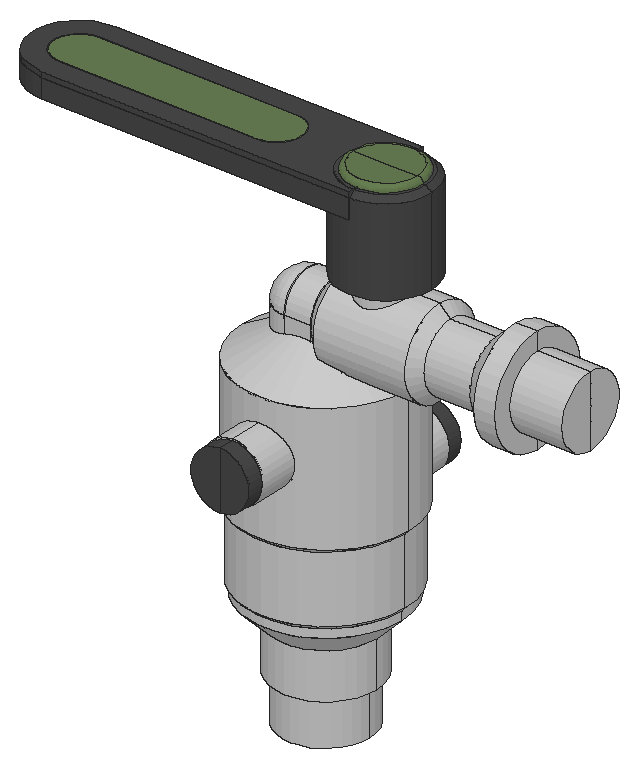
Revit family "Entnahmearmatur mit Systemtrenner 0300", category Rohrzubehör, Revit 2018
Family settings
  Bemaßung runder Anschluss = Durchmesser verwenden
  Teiletyp = Unterbricht
  OmniClass-Nummer = 23.65.55.14
  OmniClass-Titel = Valves for Liquid Services
  Arbeitsebenenbasiert = Nein
  Immer vertikal = Ja
  Beim Laden mit Abzugskörper schneiden = Nein
  Gemeinsam genutzt = Nein
Parameters (values of type "DN20 auf DN25")
  Max. zulässige Betriebstemperatur (kurzzeitig) = 80 °C  # constant formula
  Max. Betriebstemperatur = 65 °C  # constant formula
  W02 = 60.00°  # constant formula
  W01 = 45.00°  # constant formula
  URL = "www.herz-armaturen.at"
  Systemtrenner-Kartusche = "hochwertiger, kalkabweisender Kunststoff"  # constant formula
  STL02 = 37.500 mm  # constant formula
  STL01 = 33.000 mm  # constant formula
  STD02 = 8.200 mm  # constant formula
  STD01 = 8.500 mm  # constant formula
  SCTWSEQ = "AW;SBT_TYP_AW=\"104\";2"
  SCTWCODE = "04;12;02"  # constant formula
  S05 = R03 - 2.000 mm  # 10.400 mm
  S04 = 33.000 mm  # constant formula
  S03 = 25.000 mm  # constant formula
  S02 = 45.000 mm  # constant formula
  S01 = 13.000 mm  # constant formula
  R09 = 13.000 mm  # constant formula
  R05 = 8.000 mm  # constant formula
  R04 = 8.500 mm  # constant formula
  R03 = 12.400 mm  # constant formula
  R02 = 9.500 mm  # constant formula
  R01 = 15.000 mm  # constant formula
  NennweiteEin [instance] = if([15_20], 15.000 mm, if([20_20], 20.000 mm, if([20_25], 20.000 mm, 0.000 mm)))  # 20.000 mm
  NennweiteAus [instance] = if([15_20], 20.000 mm, if([20_20], 20.000 mm, if([20_25], 25.000 mm, 0.000 mm)))  # 25.000 mm
  Nenndruck = 1000000.0 Pa  # constant formula
  Medium = "Wasser (ohne Dampf)"  # constant formula
  LO01 = 34.500 mm  # constant formula
  L11 = 77.500 mm  # constant formula
  L10 = 57.500 mm  # constant formula
  L09 = 58.000 mm  # constant formula
  L08 = 2.500 mm  # constant formula
  L07 = 26.000 mm  # constant formula
  L06 = 6.000 mm  # constant formula
  L05 = 15.000 mm  # constant formula
  L04 = 5.000 mm  # constant formula
  L03 = 100.000 mm  # constant formula
  L02 = 58.000 mm  # constant formula
  L01 = 75.000 mm  # constant formula
  Hinweis = "Gemäß Art 33 der REACH-Verordnung (EG Nr. 1907/2006) sind wir verpflichtet, darauf hinzuweisen, dass der Stoff Blei auf der SVHC-Liste geführt wird und dass alle aus Messing bestehenden Bauteile, die in unseren Erzeugnissen verarbeitet sind, mehr als 0,1 % (w/w) Blei (CAS: 7439-92-1 / EINECS: 231-100-4) enthalten.\r\nDa Blei als Legierungsbestandteil fest gebunden ist, sind keine Expositionen zu erwarten und daher sind keine zusätzlichen Angaben zur sicheren Verwendung notwendig."
  Hersteller = "HERZ Armaturen Ges.m.b.H."  # constant formula
  H08 = 15.000 mm  # constant formula
  H07 = 36.000 mm  # constant formula
  H06 = 19.000 mm  # constant formula
  H05 = 2.500 mm  # constant formula
  H04 = 13.000 mm  # constant formula
  H03 = 13.000 mm  # constant formula
  H02 = 105.000 mm  # constant formula
  H01 = 146.000 mm - H02  # 41.000 mm
  Gehäuse = "Pressmessing (CW617N), verchromt"  # constant formula
  Einbaulage = "senkrecht"  # constant formula
  Dichtungen = "EPDM"  # constant formula
  Bestellnummer = if([15_20], "I030001", if([20_20], "I030002", if([20_25], "I030012", "0")))  # "I030012"
  20_25 = yes
  20_20 = no
  15_20 = no
  D05 = 14.500 mm  # constant formula
  D04 = 21.500 mm  # constant formula
  D03 = 22.500 mm  # constant formula
  D02 = 7.000 mm  # constant formula
  D01 = 23.500 mm  # constant formula
  Ausführung = "Der in dieser Entnahmearmatur integrierte Systemtrenner BA wurde nach der Norm DIN EN 1717 entwickelt.\r\nLaut dieser Norm ist die Wasserqualität je nach Grad der Verschmutzung in 5 Klassen eingeteilt.\r\nDer Systemtrenner Typ BA erlaubt Absicherung gegen Nichttrinkwasser bis zur Gefahrenklasse 4, der höchsten Gefahrenklasse, die mit einer Armatur abgesichert werden kann.\r\nDer Einbau eines Schmutzfängers vor dem Systemtrenner hilft, um eine dauerhafte und einwandfreie Funktion zu gewährleisten.\r\nDiese Armatur kann nur senkrecht montiert werden."
  Anwendung = "Diese Entnahmearmatur mit integriertem Systemtrenner (BA) ist zum Einbau über einem Entwässerungsgegenstand oder zum Einbau im Freien (z.B.: als Gartenventil) konzipiert.\r\nDie Armatur besteht aus einem eingangsseitigen Kugelhahn und einem nachgeschalteten Systemtrenner Typ BA nach DIN EN 1717."
  AGein [instance] = NennweiteEin / 2  # 10.000 mm
  AGaus [instance] = NennweiteAus / 2  # 12.500 mm
Types (4, lengths in mm): name | NennweiteEin | NennweiteAus | Bestellnummer | 20_25 | 20_20 | 15_20 | AGein | AGaus
  (no name) | 20.000 | 25.000 | "I030012" | yes | no | no | 10.000 | 12.500
  DN15 auf DN20 | 15.000 | 20.000 | "I030001" | no | no | yes | 7.500 | 10.000
  DN20 auf DN20 | 20.000 | 20.000 | "I030002" | no | yes | no | 10.000 | 10.000
  DN20 auf DN25 | 20.000 | 25.000 | "I030012" | yes | no | no | 10.000 | 12.500
Reference planes
  plane 1 "Mitte (Vorne/hinten)": y = 0
  plane 2: z = 0
  plane 3 "Mitte (Links/rechts)": x = 0
Forms (mm)
  Revolve 1, solid, material "Messing, vernickelt", detail levels fine
    sketch origin (0, 0, -213.5) x (1, 0, 0) y (0, 0, 1)
      loop
        line (0, 108.5) -> (0, 213.5) -> (-7, 213.5) -> (-7, 210.526) -> (-23.5, 201) -> (-23.5, 165) -> (-22.5, 164) -> (-22.5, 145) -> (-21.5, 144) -> (-21.5, 141.5) -> (-14.5, 134.5) -> (-14.5, 121.5) -> (-12.5, 121.5) -> (-12.5, 108.5) -> (0, 108.5)
      axis (0, 213.5) -> (0, 108.5)
    angle from 0 to 360
  Revolve 2, solid, material "Messing, vernickelt", detail levels fine
    sketch origin (0, 0, 0) x (1, 0, 0) y (0, 0, 1)
      loop
        line (2.5, 0) -> (75, 0) -> (75, 10) -> (60, 10) -> (60, 15) -> (54, 15) -> (48.5, 9.5) -> (35.3, 9.5) -> (32.4, 12.4) -> (6.4, 12.4) -> (2.5, 8.5) -> (2.5, 0)
      axis (2.5, 0) -> (75, 0)
    angle from 0 to 360
  Extrusion 3, solid, material "Messing, vernickelt", detail levels fine
    sketch origin (0, 0, 0) x (0, 1, 0) y (0, 0, 1)
      loop
        arc (8.5, 0) -> (0, 8.5) -> (-8.5, 0) r 8.5
        line (-8.5, 0) -> (-8.5, -12.5) -> (8.5, -12.5) -> (8.5, 0)
    from 2.5 to -5
  Extrusion 4, solid, material "Messing, vernickelt", detail levels fine
    sketch origin (0, 0, 0) x (1, 0, 0) y (0, 1, 0)
      loop
        circle (-5, 0) r 8.5
    from -20 to 0
  Revolve 5, solid, material "Messing, vernickelt", detail levels fine
    sketch origin (0, 0, 0) x (1, 0, 0) y (0, 1, 0)
      loop
        arc (-5, 8.5) -> (-11.01, 6.01) -> (-13.5, 0) r 8.5
        line (-13.5, 0) -> (-5, 0) -> (-5, 8.5)
      axis (-5, 0) -> (-13.5, 0)
    angle from 0 to 360
  Revolve 6, solid, material "Messing, vernickelt", detail levels fine
    sketch origin (0, 0, 0) x (1, 0, 0) y (0, 0, 1)
      loop
        line (17, 0) -> (25, 0) -> (25, 15) -> (17, 15) -> (17, 0)
      axis (17, 15) -> (17, 0)
    angle from 0 to 360
  Revolve 7, solid, material "Kunststoff SCHWARZ", detail levels fine
    sketch origin (0, 0, 0) x (1, 0, 0) y (0, 0, 1)
      loop
        line (17, 15) -> (30, 15) -> (30, 39.5) -> (28.5, 41) -> (17, 41) -> (17, 15)
      axis (17, 15) -> (17, 41)
    angle from 0 to 360
  Revolve 8, solid, material "Kunststoff GRÜN", detail levels fine
    sketch origin (0, 0, 0) x (1, 0, 0) y (0, 0, 1)
      loop
        line (17, 42.5) -> (17, 41) -> (27.5, 41)
        arc (27.5, 41) -> (27.061, 42.061) -> (26, 42.5) r 1.5
        line (26, 42.5) -> (17, 42.5)
      axis (17, 42.5) -> (17, 41)
    angle from 0 to 360
  Extrusion 9, solid, material "Kunststoff SCHWARZ", detail levels fine
    sketch origin (0, 0, 0) x (1, 0, 0) y (0, 1, 0)
      loop
        line (17, 13) -> (-70, 13)
        arc (-70, 13) -> (-83, 0) -> (-70, -13) r 13
        line (-70, -13) -> (17, -13) -> (17, 13)
    from 34 to 39.5
  Extrusion 10, solid, material "Kunststoff SCHWARZ", detail levels fine
    sketch origin (0, 0, 0) x (1, 0, 0) y (0, 1, 0)
      loop
        line (17, 13) -> (-70, 13)
        arc (-70, 13) -> (-83, 0) -> (-70, -13) r 13
        line (-70, -13) -> (17, -13) -> (17, 13)
      loop
        arc (-70, 7) -> (-77, 0) -> (-70, -7) r 7
        line (-70, -7) -> (-14, -7)
        arc (-14, -7) -> (-7, 0) -> (-14, 7) r 7
        line (-14, 7) -> (-70, 7)
    from 39.5 to 41
  Extrusion 11, solid, material "Kunststoff GRÜN", detail levels fine
    sketch origin (0, 0, 0) x (1, 0, 0) y (0, 1, 0)
      loop
        arc (-70, 7) -> (-77, 0) -> (-70, -7) r 7
        line (-70, -7) -> (-14, -7)
        arc (-14, -7) -> (-7, 0) -> (-14, 7) r 7
        line (-14, 7) -> (-70, 7)
    from 39.5 to 41
  Revolve 12, solid, material "Messing, vernickelt", detail levels fine
    sketch origin (0, 0, 0) x (0, 1, 0) y (0, 0, 1)
      loop
        line (0, -39) -> (0, -47.5) -> (33, -47.5) -> (33, -39) -> (0, -39)
      axis (33, -47.5) -> (0, -47.5)
    angle from 0 to 360
  Revolve 13, solid, material "Messing, vernickelt", detail levels fine
    sketch origin (0, 0, 0) x (0, -1, 0) y (0, 0, 1)
      loop
        line (0, -19) -> (0, -27.5) -> (33, -27.5) -> (33, -19) -> (0, -19)
      axis (33, -27.5) -> (0, -27.5)
    angle from 0 to 360
  Revolve 14, solid, material "Kunststoff SCHWARZ", detail levels fine
    sketch origin (0, 0, 0) x (0, 1, 0) y (0, 0, 1)
      loop
        line (-33, -27.5) -> (-33, -19.3) -> (-37.5, -19.3) -> (-37.5, -27.5) -> (-33, -27.5)
      axis (-33, -27.5) -> (-37.5, -27.5)
    angle from 0 to 360
  Revolve 15, solid, material "Kunststoff SCHWARZ", detail levels fine
    sketch origin (0, 0, 0) x (0, -1, 0) y (0, 0, 1)
      loop
        line (-33, -47.5) -> (-33, -39.3) -> (-37.5, -39.3) -> (-37.5, -47.5) -> (-33, -47.5)
      axis (-33, -47.5) -> (-37.5, -47.5)
    angle from 0 to 360
Lines and regions (mm)
  model lines, detail levels coarse+medium
    curve 1: line (35.5, 0, 12.4) -> (35.5, 0, -12.4)
    curve 2: line (35.5, 0, -12.4) -> (2.5, 0, 12.4)
    curve 3: line (2.5, 0, 12.4) -> (2.5, 0, -12.4)
    curve 4: line (2.5, 0, -12.4) -> (35.5, 0, 12.4)
    curve 5: circle (10.02, 0, 0) r 10.4 normal (0, -1, 0)
    curve 6: line (35.5, 0, 0) -> (75, 0, 0)
    curve 7: line (60, 0, 15) -> (60, 0, -15)
    curve 8: line (-23.5, 0, -12.4) -> (23.5, 0, -12.4)
    curve 9: line (-23.5, 0, -105) -> (-23.5, 0, -12.4)
    curve 10: line (23.5, 0, -105) -> (-23.5, 0, -105)
    curve 11: line (23.5, 0, -12.4) -> (23.5, 0, -105)
    curve 12: line (2.5, 0, 0) -> (0, 0, 0)
    curve 13: line (0, 0, 0) -> (0, 0, -12.4)
    curve 14: line (-10.5, 0, -105) -> (-10.5, 0, -80)
    curve 15: line (-10.5, 0, -57.4) -> (-10.5, 0, -12.4)
    curve 16: line (10.5, 0, -105) -> (10.5, 0, -80)
    curve 17: line (10.5, 0, -57.4) -> (10.5, 0, -12.4)
    curve 18: line (0, -23.5, -105) -> (0, 23.5, -105)
    curve 19: line (0, -23.5, -12.4) -> (0, -23.5, -105)
    curve 20: line (0, 23.5, -12.4) -> (0, -23.5, -12.4)
    curve 21: line (0, 23.5, -105) -> (0, 23.5, -12.4)
    curve 26: arc (0, -12.4, 0) -> (0, 0, 12.4) -> (0, 12.4, 0) r 12.4
  model lines
    curve 22: line (0, -10.5, -105) -> (0, -10.5, -80)
    curve 23: line (0, -10.5, -57.4) -> (0, -10.5, -12.4)
    curve 24: line (0, 10.5, -105) -> (0, 10.5, -80)
    curve 25: line (0, 10.5, -57.4) -> (0, 10.5, -12.4)
Dimensions and locks
  "H03": Revolve 1 sketch curve to Revolve 1 sketch curve
  "H04": Revolve 1 sketch curve to Revolve 1 sketch curve
  "H05": Revolve 1 sketch curve to Revolve 1 sketch curve
  "H06": Revolve 1 sketch curve to Revolve 1 sketch curve
  "H07": Revolve 1 sketch curve to Revolve 1 sketch curve
  "AGaus": Revolve 1 sketch curve to plane 3 "Mitte (Links/rechts)"
  "D01": Revolve 1 sketch curve to Revolve 1 sketch curve
  "D02": Revolve 1 sketch curve to Revolve 1 sketch curve
  "D05": Revolve 1 sketch curve to Revolve 1 sketch curve
  "D04": Revolve 1 sketch curve to Revolve 1 sketch curve
  "D03": Revolve 1 sketch curve to Revolve 1 sketch curve
  "H02": Revolve 1 sketch curve to Revolve 1 sketch curve
  "L01": Revolve 2 sketch curve to plane 3 "Mitte (Links/rechts)"
  "L05": Revolve 2 sketch curve to Revolve 2 sketch curve
  "L06": Revolve 2 sketch curve to Revolve 2 sketch curve
  "L07": Revolve 2 sketch curve to Revolve 2 sketch curve
  "AGein": Revolve 2 sketch curve to Revolve 2 sketch curve
  "R01": Revolve 2 sketch curve to Revolve 2 sketch curve
  "R02": Revolve 2 sketch curve to Revolve 2 sketch curve
  "R03": Revolve 2 sketch curve to Revolve 2 sketch curve
  "L08": Revolve 2 sketch curve to plane 3 "Mitte (Links/rechts)"
  "R04": Revolve 2 sketch curve to Revolve 2 sketch curve
  "H08": Revolve 6 sketch curve to plane 2
  "R05": Revolve 6 sketch curve to Revolve 6 sketch curve
  "L09": Revolve 6 sketch curve to Revolve 2
  "H08": Revolve 7 sketch curve to plane 2
  "R09": Revolve 7 sketch curve to Revolve 7 sketch curve
  "L02": Revolve 2 to Revolve 7 sketch curve
  "H01": Revolve 7 sketch curve to plane 2
  Revolve 7 sketch curve to Revolve 7 sketch curve = 11.500 mm
  "L02": Revolve 2 to Revolve 8 sketch curve
  Revolve 8 sketch curve to Revolve 7 = 1.500 mm
  "H01": Revolve 8 sketch curve to plane 2
  "L02": Extrusion 9 sketch curve to Revolve 2
  "R09": Extrusion 9 sketch curve to plane 1 "Mitte (Vorne/hinten)" to Extrusion 9 sketch curve
  "L03": Extrusion 9 sketch curve to Extrusion 9 sketch curve
  "L03": Extrusion 10 sketch curve to Extrusion 9
  "L02": Extrusion 10 sketch curve to Revolve 2
  "STL01": Revolve 12 sketch curve to plane 1 "Mitte (Vorne/hinten)"
  "STD01": Revolve 12 sketch curve to Revolve 12 sketch curve
  "L10": Revolve 1 to Revolve 12 sketch curve
  "STD01": Revolve 13 sketch curve to Revolve 13 sketch curve
  "STL01": plane 1 "Mitte (Vorne/hinten)" to Revolve 13 sketch curve
  "L11": Revolve 13 sketch curve to Revolve 1
  "STL01": plane 1 "Mitte (Vorne/hinten)" to Revolve 14 sketch curve
  "STL02": Revolve 13 to Revolve 14 sketch curve
  "STD02": Revolve 14 sketch curve to Revolve 14 sketch curve
  "L11": Revolve 1 to Revolve 14 sketch curve
  "D01": nested 1 to plane 3 "Mitte (Links/rechts)"
  "LO01": level to nested 1
  "STD02": Revolve 15 sketch curve to Revolve 15 sketch curve
  "L10": Revolve 15 sketch curve to Revolve 1
  "STL01": Revolve 15 sketch curve to plane 1 "Mitte (Vorne/hinten)"
  "STL02": Revolve 15 sketch curve to plane 1 "Mitte (Vorne/hinten)"
  "R03": curve 4 to plane 2 to curve 2
  "R03": curve 3 to plane 2 to curve 4
  "L08": plane 3 "Mitte (Links/rechts)" to curve 3
  "S04": curve 3 to curve 1
  "L01": curve 6 to plane 3 "Mitte (Links/rechts)"
  "R01": curve 7 to plane 2 to curve 7
  curve 7 to curve 6 = 15.000 mm
  "D01": curve 11 to plane 3 "Mitte (Links/rechts)" to curve 9
  "H02": plane 2 to curve 10
  "R03": plane 2 to curve 8
  "S01": curve 14 to curve 9
  "S01": curve 11 to curve 16
  "S01": curve 11 to curve 17
  "S01": curve 15 to curve 9
  "S02": curve 8 to curve 17
  "S02": curve 8 to curve 15
  "S03": curve 14 to curve 10
  "S03": curve 16 to curve 10
  "H02": plane 2 to curve 18
  "R03": plane 2 to curve 20
  "D01": curve 19 to plane 1 "Mitte (Vorne/hinten)" to curve 21
  "S01": curve 19 to curve 22
  "S01": curve 24 to curve 21
  "S01": curve 25 to curve 21
  "S01": curve 19 to curve 23
  "S03": curve 18 to curve 22
  "S03": curve 18 to curve 24
  "S02": curve 20 to curve 25
  "S02": curve 20 to curve 23
  "S05": radius of curve 5
  "R03": radius of curve 26
  "W01": angle Revolve 1 sketch curve to Revolve 1 sketch curve  (x3)
  "W02": angle Revolve 1 sketch curve to Revolve 1 sketch curve
  "W01": angle Revolve 2 sketch curve to Revolve 2 sketch curve  (x3)
  "W01": angle Revolve 7 sketch curve to Revolve 7 sketch curve
  aligned and locked: level to plane 2
Automatic sketch dimensions
  Extrusion 3 sketch curve to level = 0.000 mm  (x2)
  Extrusion 3 sketch curve to plane 1 "Mitte (Vorne/hinten)" = 0.000 mm
  plane 1 "Mitte (Vorne/hinten)" to Extrusion 3 sketch curve = 8.500 mm
  Extrusion 3 sketch curve to level = 12.500 mm
  plane 1 "Mitte (Vorne/hinten)" to Extrusion 4 sketch curve = 0.000 mm
  Extrusion 4 sketch curve to plane 3 "Mitte (Links/rechts)" = 5.000 mm
  Revolve 5 sketch curve to plane 1 "Mitte (Vorne/hinten)" = 0.000 mm
  plane 1 "Mitte (Vorne/hinten)" to Revolve 5 sketch curve = 0.000 mm
  Revolve 5 sketch curve to plane 3 "Mitte (Links/rechts)" = 13.500 mm
  Revolve 5 sketch curve to plane 3 "Mitte (Links/rechts)" = 5.000 mm
  Revolve 5 sketch curve to Revolve 5 sketch curve = 1986.500 mm
  plane 3 "Mitte (Links/rechts)" to Revolve 5 sketch curve = 2000.000 mm
  plane 1 "Mitte (Vorne/hinten)" to Extrusion 11 sketch curve = 0.000 mm
  Extrusion 11 sketch curve to plane 3 "Mitte (Links/rechts)" = 70.000 mm
  Extrusion 11 sketch curve to plane 1 "Mitte (Vorne/hinten)" = 7.000 mm
  Extrusion 11 sketch curve to plane 3 "Mitte (Links/rechts)" = 14.000 mm
  curve 26 to level = 0.000 mm
  curve 26 to plane 1 "Mitte (Vorne/hinten)" = 0.000 mm
  curve 12 to level = 0.000 mm
  curve 12 to plane 3 "Mitte (Links/rechts)" = 0.000 mm
  curve 5 to level = 0.000 mm
  curve 6 to level = 0.000 mm
  plane 3 "Mitte (Links/rechts)" to curve 3 = 2.500 mm
  curve 12 to curve 5 = 7.520 mm
  Revolve 1 sketch curve to level = 0.000 mm
  Revolve 1 sketch curve to plane 3 "Mitte (Links/rechts)" = 0.000 mm  (x2)
  Revolve 1 sketch curve to Revolve 1 sketch curve = 261.045 mm
  level to Revolve 1 sketch curve = 2214.315 mm
  Revolve 2 sketch curve to level = 0.000 mm  (x2)
  Revolve 2 sketch curve to plane 3 "Mitte (Links/rechts)" = 1506.530 mm
  Revolve 2 sketch curve to Revolve 2 sketch curve = 1764.148 mm
  Revolve 6 sketch curve to level = 0.000 mm  (x2)
  Revolve 6 sketch curve to Revolve 6 sketch curve = 0.000 mm  (x2)
  Revolve 7 sketch curve to Revolve 7 sketch curve = 0.000 mm  (x3)
  Revolve 8 sketch curve to Revolve 8 sketch curve = 9.000 mm
  Revolve 8 sketch curve to Revolve 8 sketch curve = 0.000 mm  (x3)
  Extrusion 9 sketch curve to Extrusion 9 sketch curve = 0.000 mm
  Extrusion 10 sketch curve to Extrusion 10 sketch curve = 0.000 mm  (x2)
  plane 1 "Mitte (Vorne/hinten)" to Extrusion 10 sketch curve = 0.000 mm
  Extrusion 10 sketch curve to plane 1 "Mitte (Vorne/hinten)" = 7.000 mm
  Extrusion 10 sketch curve to plane 3 "Mitte (Links/rechts)" = 14.000 mm
  Extrusion 10 sketch curve to Extrusion 10 sketch curve = 56.000 mm
  Revolve 12 sketch curve to plane 1 "Mitte (Vorne/hinten)" = 0.000 mm  (x2)
  Revolve 12 sketch curve to Revolve 12 sketch curve = 0.000 mm  (x2)
  Revolve 13 sketch curve to plane 1 "Mitte (Vorne/hinten)" = 0.000 mm  (x2)
  Revolve 13 sketch curve to Revolve 13 sketch curve = 0.000 mm  (x2)
  Revolve 14 sketch curve to Revolve 14 sketch curve = 0.000 mm  (x3)
  Revolve 15 sketch curve to Revolve 15 sketch curve = 0.000 mm  (x3)
  radius of Extrusion 4 sketch curve = 8.500 mm
Nested families
  nested 1: "Herz-Logo-vorne" at (-23.5, 0, -39), type "Herz-Logo-vorne", detail levels fine
Connectors
  piping at (0, 0, -105), diameter 25, driven by "NennweiteAus"
    settings: on Revolve 1, index 1, connector inside diameter 609.6 mm, connector length 0.000 mm, flow factor 0, pipe flow 0.0 L/s, pressure drop 0.0 Pa, fitting loss kfactor 0, connector angle 0.00°, fixture units 0, engagement length 0.000 mm, angle of deflection 0.00°, flow configuration 0, flow direction 2, fitting loss method 0, system type 29, joint type 0, gender type 0, connector reference index -1, connector utility 0, adjustable connector no, is connector primary yes, connector description ""
  piping at (75, 0, 0), diameter 20, driven by "NennweiteEin"
    settings: on Revolve 2, index 2, connector inside diameter 609.6 mm, connector length 0.000 mm, flow factor 0, pipe flow 0.0 L/s, pressure drop 0.0 Pa, fitting loss kfactor 0, connector angle 0.00°, fixture units 0, engagement length 0.000 mm, angle of deflection 0.00°, flow configuration 0, flow direction 1, fitting loss method 0, system type 29, joint type 0, gender type 0, connector reference index -1, connector utility 0, adjustable connector no, is connector primary no, connector description ""
Definition of nested family "Herz-Logo-vorne"
  Reference planes
    plane 1 "Mitte (Vorne/hinten)": y = 0
    plane 2: z = 0
    plane 3 "Mitte (Links/rechts)": x = 0
  Forms (mm)
    Extrusion 1, solid
      sketch origin (0.732, -0.018, 0.017) x (0, -1, 0) y (0, 0, 1)
        loop
          line (-0.018, -4.517) -> (4.482, -4.517) -> (4.482, 4.483) -> (-4.518, 4.483) -> (-4.518, -4.517) -> (-0.018, -4.517)
        loop
          line (-0.05, -3.48) -> (3.482, -3.48) -> (3.482, 3.483) -> (-3.518, 3.483) -> (-3.518, -3.48) -> (-0.05, -3.48)
        loop
          arc (-0.018, 2.383) -> (-1.543, 3.287) -> (-3.067, 2.383) r 1.738
          arc (-3.067, 2.383) -> (-3.191, 1.899) -> (-3.067, 1.415) r 1.009
          line (-3.067, 1.415) -> (-0.018, -3.281) -> (3.032, 1.415)
          arc (3.032, 1.415) -> (3.156, 1.899) -> (3.032, 2.383) r 1.009
          arc (3.032, 2.383) -> (1.507, 3.287) -> (-0.018, 2.383) r 1.738
        loop
          arc (1.885, 1.272) -> (2.005, 1.675) -> (1.885, 2.079) r 0.74
          arc (1.885, 2.079) -> (1.265, 2.416) -> (0.644, 2.079) r 0.74
          line (0.644, 2.079) -> (-0.018, 0.97) -> (-0.679, 2.079)
          arc (-0.679, 2.079) -> (-1.3, 2.416) -> (-1.921, 2.079) r 0.74
          arc (-1.921, 2.079) -> (-2.04, 1.675) -> (-1.921, 1.272) r 0.74
          line (-1.921, 1.272) -> (-0.018, -1.658) -> (1.885, 1.272)
      from 0 to 1.5
  Dimensions and locks
    aligned and locked: level to plane 2
